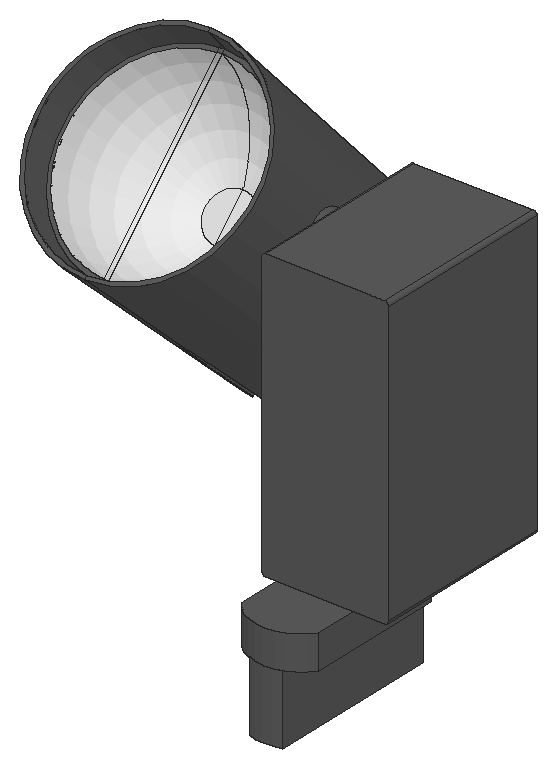
Revit family "0004850 Feilo Sylvania Lighting Fixture START TRACK SPOT S 24W 4K RA80 NB BLACK", category Lighting Fixtures, host Face, Revit 2017 (continued)
Definition of nested family "Start Track Spot Head"
  Types (96, lengths in mm): name | Wattage | built-in parameter 1150134 | Photometric Web File | Model | built-in parameter 1150105 | Lumens | built-in parameter 1150107 | built-in parameter 1150106 | HeadThickness_FEILO | HeadRibOffset_FEILO | HeadRibDepth_FEILO | HeadRibCutWidth_FEILO | HeadRibCutOffset_FEILO | HeadReflectorRadius_FEILO | HeadReflectorOffset_FEILO | HeadLEDRadius_FEILO | HeadHeight_FEILO | HeadDiffusorOffset_FEILO | HeadDiaOut_FEILO | HeadDiaIn_FEILO | HeadAxisFromTop_FEILO | Emit from Circle Diameter | built-in parameter 1150104 | Description | Apparent Load
    0004864 START TRACK SPOT S 24W 3K RA90 WB WHITE | 24 W | (empty or 0) | "0004864.ies" | "START TRACK SPOT S 24W 3K RA90 WB WHITE" | 152.79 (stored number, unit not read) | 1920 lm | 3000 (stored number, unit not read) | 1.5279 (stored number, unit not read) | 1.5 | 4.179 | 55.714 | 7.167 | 50.87 | 50.588 | 55.714 | 9.556 | 117 | 9.435 | 86 | 77.477 | 69.354 | 77.477 | 7.4322 (stored number, unit not read) | "Integrated LED spotlight, Textured White - RAL9016, compact and minimalist design, ideal for retail applications, die-cast aluminium body, passive cooling heatsink. Beam angle: 64°, color temperature: 3000K , total system power: 24W, total fixture output: 1928 lm, LOR: 100%, colour rendering: Ra: 90 typical, LED Chromaticity: 3 step MacAdam ellipse, lifetime: >50000 hours at L70B50, energy class: A++, A+, A, IR/UV free light source without heat radiation, operating voltage: 220-240V / 50-60Hz, drive current: 600mA, electronic driver, non-dimmable, power factor: 0.95, electrical protection: Class II, Global Track 3 Phase adapter suitable for Global trac 3-circuit tracks, ingress protection rating: IP20, suitable for internal environment only, horizontal rotation: 355°, vertical tilt: 90°, dimensions: Ø86x140x200, weight: 0.966kg." | 24 VA
    0004863 START TRACK SPOT S 24W 3K RA90 MB WHITE | 24 W | (empty or 0) | "0004863.ies" | "START TRACK SPOT S 24W 3K RA90 MB WHITE" | 154.7 (stored number, unit not read) | 1944 lm | 3000 (stored number, unit not read) | 1.547 (stored number, unit not read) | 1.5 | 4.179 | 55.714 | 7.167 | 50.87 | 50.588 | 55.714 | 9.556 | 117 | 9.435 | 86 | 77.477 | 69.354 | 77.477 | 7.5251 (stored number, unit not read) | "Integrated LED spotlight, Textured White - RAL9016, compact and minimalist design, ideal for retail applications, die-cast aluminium body, passive cooling heatsink. Beam angle: 36°, color temperature: 3000K , total system power: 24W, total fixture output: 1944 lm, LOR: 100%, colour rendering: Ra: 90 typical, LED Chromaticity: 3 step MacAdam ellipse, lifetime: >50000 hours at L70B50, energy class: A++, A+, A, IR/UV free light source without heat radiation, operating voltage: 220-240V / 50-60Hz, drive current: 600mA, electronic driver, non-dimmable, power factor: 0.95, electrical protection: Class II, Global Track 3 Phase adapter suitable for Global trac 3-circuit tracks, ingress protection rating: IP20, suitable for internal environment only, horizontal rotation: 355°, vertical tilt: 90°, dimensions: Ø86x140x200, weight: 0.966kg." | 24 VA
    0004862 START TRACK SPOT S 24W 3K RA90 NB WHITE | 24 W | (empty or 0) | "0004862.ies" | "START TRACK SPOT S 24W 3K RA90 NB WHITE" | 158.52 (stored number, unit not read) | 1992 lm | 3000 (stored number, unit not read) | 1.5852 (stored number, unit not read) | 1.5 | 4.179 | 55.714 | 7.167 | 50.87 | 50.588 | 55.714 | 9.556 | 117 | 9.435 | 86 | 77.477 | 69.354 | 77.477 | 7.711 (stored number, unit not read) | "Integrated LED spotlight, Textured White - RAL9016, compact and minimalist design, ideal for retail applications, die-cast aluminium body, passive cooling heatsink. Beam angle: 12°, color temperature: 3000K , total system power: 24W, total fixture output: 1987 lm, LOR: 100%, colour rendering: Ra: 90 typical, LED Chromaticity: 3 step MacAdam ellipse, lifetime: >50000 hours at L70B50, energy class: A++, A+, A, IR/UV free light source without heat radiation, operating voltage: 220-240V / 50-60Hz, drive current: 600mA, electronic driver, non-dimmable, power factor: 0.95, electrical protection: Class II, Global Track 3 Phase adapter suitable for Global trac 3-circuit tracks, ingress protection rating: IP20, suitable for internal environment only, horizontal rotation: 355°, vertical tilt: 90°, dimensions: Ø86x140x200, weight: 0.966kg." | 24 VA
    0004861 START TRACK SPOT S 14W 3K RA90 WB WHITE | 14 W | (empty or 0) | "0004861.ies" | "START TRACK SPOT S 14W 3K RA90 WB WHITE" | 100.27 (stored number, unit not read) | 1260 lm | 3000 (stored number, unit not read) | 1.0027 (stored number, unit not read) | 1.5 | 4.179 | 55.714 | 7.167 | 50.87 | 50.588 | 55.714 | 9.556 | 117 | 9.435 | 86 | 77.477 | 69.354 | 77.477 | 8.3613 (stored number, unit not read) | "Integrated LED spotlight, Textured White - RAL9016, compact and minimalist design, ideal for retail applications, die-cast aluminium body, passive cooling heatsink. Beam angle: 64°, color temperature: 3000K , total system power: 14W, total fixture output: 1262 lm, LOR: 100%, colour rendering: Ra: 90 typical, LED Chromaticity: 3 step MacAdam ellipse, lifetime: >50000 hours at L70B50, energy class: A++, A+, A, IR/UV free light source without heat radiation, operating voltage: 220-240V / 50-60Hz, drive current: 350mA, electronic driver, non-dimmable, power factor: 0.92, electrical protection: Class II, Global Track 3 Phase adapter suitable for Global trac 3-circuit tracks, ingress protection rating: IP20, suitable for internal environment only, horizontal rotation: 355°, vertical tilt: 90°, dimensions: Ø86x140x200, weight: 0.940kg." | 14 VA
    0004860 START TRACK SPOT S 14W 3K RA90 MB WHITE | 14 W | (empty or 0) | "0004860.ies" | "START TRACK SPOT S 14W 3K RA90 MB WHITE" | 100.27 (stored number, unit not read) | 1260 lm | 3000 (stored number, unit not read) | 1.0027 (stored number, unit not read) | 1.5 | 4.179 | 55.714 | 7.167 | 50.87 | 50.588 | 55.714 | 9.556 | 117 | 9.435 | 86 | 77.477 | 69.354 | 77.477 | 8.3613 (stored number, unit not read) | "Integrated LED spotlight, Textured White - RAL9016, compact and minimalist design, ideal for retail applications, die-cast aluminium body, passive cooling heatsink. Beam angle: 36°, color temperature: 3000K , total system power: 14W, total fixture output: 1262 lm, LOR: 100%, colour rendering: Ra: 90 typical, LED Chromaticity: 3 step MacAdam ellipse, lifetime: >50000 hours at L70B50, energy class: A++, A+, A, IR/UV free light source without heat radiation, operating voltage: 220-240V / 50-60Hz, drive current: 350mA, electronic driver, non-dimmable, power factor: 0.92, electrical protection: Class II, Global Track 3 Phase adapter suitable for Global trac 3-circuit tracks, ingress protection rating: IP20, suitable for internal environment only, horizontal rotation: 355°, vertical tilt: 90°, dimensions: Ø86x140x200, weight: 0.940kg." | 14 VA
    0004859 START TRACK SPOT S 14W 3K RA90 NB WHITE | 14 W | (empty or 0) | "0004859.ies" | "START TRACK SPOT S 14W 3K RA90 NB WHITE" | 102.5 (stored number, unit not read) | 1288 lm | 3000 (stored number, unit not read) | 1.025 (stored number, unit not read) | 1.5 | 4.179 | 55.714 | 7.167 | 50.87 | 50.588 | 55.714 | 9.556 | 117 | 9.435 | 86 | 77.477 | 69.354 | 77.477 | 8.5471 (stored number, unit not read) | "Integrated LED spotlight, Textured White - RAL9016, compact and minimalist design, ideal for retail applications, die-cast aluminium body, passive cooling heatsink. Beam angle: 12°, color temperature: 3000K , total system power: 14W, total fixture output: 1284 lm, LOR: 100%, colour rendering: Ra: 90 typical, LED Chromaticity: 3 step MacAdam ellipse, lifetime: >50000 hours at L70B50, energy class: A++, A+, A, IR/UV free light source without heat radiation, operating voltage: 220-240V / 50-60Hz, drive current: 350mA, electronic driver, non-dimmable, power factor: 0.92, electrical protection: Class II, Global Track 3 Phase adapter suitable for Global trac 3-circuit tracks, ingress protection rating: IP20, suitable for internal environment only, horizontal rotation: 355°, vertical tilt: 90°, dimensions: Ø86x140x200, weight: 0.940kg." | 14 VA
    0004858 START TRACK SPOT L 55W 4K RA80 WB BLACK | 55 W | 12 | "0004858.ies" | "START TRACK SPOT L 55W 4K RA80 WB BLACK" | 424.55 (stored number, unit not read) | 5335 lm | 4000 (stored number, unit not read) | 4.2455 (stored number, unit not read) | 2 | 4.429 | 59.048 | 9.417 | 53.913 | 66.471 | 59.048 | 12.556 | 124 | 10 | 113 | 101.802 | 73.503 | 101.802 | 9.0116 (stored number, unit not read) | "Integrated LED spotlight, Textured Black - RAL9005, compact and minimalist design, ideal for retail applications, die-cast aluminium body, passive cooling heatsink. Beam angle: 52°, color temperature: 4000K , total system power: 55W, total fixture output: 5320 lm, LOR: 100%, colour rendering: Ra: 80 typical, LED Chromaticity: 3 step MacAdam ellipse, lifetime: >50000 hours at L70B50, energy class: A++, A+, A, IR/UV free light source without heat radiation, operating voltage: 220-240V / 50-60Hz, drive current: 1400mA, electronic driver, non-dimmable, power factor: 0.96, electrical protection: Class II, Global Track 3 Phase adapter suitable for Global trac 3-circuit tracks, ingress protection rating: IP20, suitable for internal environment only, horizontal rotation: 355°, vertical tilt: 90°, dimensions: Ø113x164x240, weight: 1.398kg." | 55 VA
    0004857 START TRACK SPOT L 55W 4K RA80 MB BLACK | 55 W | 12 | "0004857.ies" | "START TRACK SPOT L 55W 4K RA80 MB BLACK" | 428.92 (stored number, unit not read) | 5390 lm | 4000 (stored number, unit not read) | 4.2892 (stored number, unit not read) | 2 | 4.429 | 59.048 | 9.417 | 53.913 | 66.471 | 59.048 | 12.556 | 124 | 10 | 113 | 101.802 | 73.503 | 101.802 | 9.1045 (stored number, unit not read) | "Integrated LED spotlight, Textured Black - RAL9005, compact and minimalist design, ideal for retail applications, die-cast aluminium body, passive cooling heatsink. Beam angle: 38°, color temperature: 4000K , total system power: 55W, total fixture output: 5378 lm, LOR: 100%, colour rendering: Ra: 80 typical, LED Chromaticity: 3 step MacAdam ellipse, lifetime: >50000 hours at L70B50, energy class: A++, A+, A, IR/UV free light source without heat radiation, operating voltage: 220-240V / 50-60Hz, drive current: 1400mA, electronic driver, non-dimmable, power factor: 0.96, electrical protection: Class II, Global Track 3 Phase adapter suitable for Global trac 3-circuit tracks, ingress protection rating: IP20, suitable for internal environment only, horizontal rotation: 355°, vertical tilt: 90°, dimensions: Ø113x164x240, weight: 1.398kg." | 55 VA
    0004856 START TRACK SPOT L 55W 4K RA80 NB BLACK | 55 W | 12 | "0004856.ies" | "START TRACK SPOT L 55W 4K RA80 NB BLACK" | 433.3 (stored number, unit not read) | 5445 lm | 4000 (stored number, unit not read) | 4.333 (stored number, unit not read) | 2 | 4.429 | 59.048 | 9.417 | 53.913 | 66.471 | 59.048 | 12.556 | 124 | 10 | 113 | 101.802 | 73.503 | 101.802 | 9.1974 (stored number, unit not read) | "Integrated LED spotlight, Textured Black - RAL9005, compact and minimalist design, ideal for retail applications, die-cast aluminium body, passive cooling heatsink. Beam angle: 15°, color temperature: 4000K , total system power: 55W, total fixture output: 5426 lm, LOR: 100%, colour rendering: Ra: 80 typical, LED Chromaticity: 3 step MacAdam ellipse, lifetime: >50000 hours at L70B50, energy class: A++, A+, A, IR/UV free light source without heat radiation, operating voltage: 220-240V / 50-60Hz, drive current: 1400mA, electronic driver, non-dimmable, power factor: 0.96, electrical protection: Class II, Global Track 3 Phase adapter suitable for Global trac 3-circuit tracks, ingress protection rating: IP20, suitable for internal environment only, horizontal rotation: 355°, vertical tilt: 90°, dimensions: Ø113x164x240, weight: 1.398kg." | 55 VA
    0004855 START TRACK SPOT L 35W 4K RA80 WB BLACK | 35 W | 12 | "0004855.ies" | "START TRACK SPOT L 35W 4K RA80 WB BLACK" | 320.3 (stored number, unit not read) | 4025 lm | 4000 (stored number, unit not read) | 3.203 (stored number, unit not read) | 2 | 4.429 | 59.048 | 9.417 | 53.913 | 66.471 | 59.048 | 12.556 | 124 | 10 | 113 | 101.802 | 73.503 | 101.802 | 10.684 (stored number, unit not read) | "Integrated LED spotlight, Textured Black - RAL9005, compact and minimalist design, ideal for retail applications, die-cast aluminium body, passive cooling heatsink. Beam angle: 52°, color temperature: 4000K , total system power: 35W, total fixture output: 4010 lm, LOR: 100%, colour rendering: Ra: 80 typical, LED Chromaticity: 3 step MacAdam ellipse, lifetime: >50000 hours at L70B50, energy class: A++, A+, A, IR/UV free light source without heat radiation, operating voltage: 220-240V / 50-60Hz, drive current: 900mA, electronic driver, non-dimmable, power factor: 0.93, electrical protection: Class II, Global Track 3 Phase adapter suitable for Global trac 3-circuit tracks, ingress protection rating: IP20, suitable for internal environment only, horizontal rotation: 355°, vertical tilt: 90°, dimensions: Ø113x164x240, weight: 1.368kg." | 35 VA
    0004854 START TRACK SPOT L 35W 4K RA80 MB BLACK | 35 W | 12 | "0004854.ies" | "START TRACK SPOT L 35W 4K RA80 MB BLACK" | 320.3 (stored number, unit not read) | 4025 lm | 4000 (stored number, unit not read) | 3.203 (stored number, unit not read) | 2 | 4.429 | 59.048 | 9.417 | 53.913 | 66.471 | 59.048 | 12.556 | 124 | 10 | 113 | 101.802 | 73.503 | 101.802 | 10.684 (stored number, unit not read) | "Integrated LED spotlight, Textured Black - RAL9005, compact and minimalist design, ideal for retail applications, die-cast aluminium body, passive cooling heatsink. Beam angle: 38°, color temperature: 4000K , total system power: 35W, total fixture output: 4017 lm, LOR: 100%, colour rendering: Ra: 80 typical, LED Chromaticity: 3 step MacAdam ellipse, lifetime: >50000 hours at L70B50, energy class: A++, A+, A, IR/UV free light source without heat radiation, operating voltage: 220-240V / 50-60Hz, drive current: 900mA, electronic driver, non-dimmable, power factor: 0.93, electrical protection: Class II, Global Track 3 Phase adapter suitable for Global trac 3-circuit tracks, ingress protection rating: IP20, suitable for internal environment only, horizontal rotation: 355°, vertical tilt: 90°, dimensions: Ø113x164x240, weight: 1.368kg." | 35 VA
    0004853 START TRACK SPOT L 35W 4K RA80 NB BLACK | 35 W | 12 | "0004853.ies" | "START TRACK SPOT L 35W 4K RA80 NB BLACK" | 331.44 (stored number, unit not read) | 4165 lm | 4000 (stored number, unit not read) | 3.3144 (stored number, unit not read) | 2 | 4.429 | 59.048 | 9.417 | 53.913 | 66.471 | 59.048 | 12.556 | 124 | 10 | 113 | 101.802 | 73.503 | 101.802 | 11.055 (stored number, unit not read) | "Integrated LED spotlight, Textured Black - RAL9005, compact and minimalist design, ideal for retail applications, die-cast aluminium body, passive cooling heatsink. Beam angle: 15°, color temperature: 4000K , total system power: 35W, total fixture output: 4174 lm, LOR: 100%, colour rendering: Ra: 80 typical, LED Chromaticity: 3 step MacAdam ellipse, lifetime: >50000 hours at L70B50, energy class: A++, A+, A, IR/UV free light source without heat radiation, operating voltage: 220-240V / 50-60Hz, drive current: 900mA, electronic driver, non-dimmable, power factor: 0.93, electrical protection: Class II, Global Track 3 Phase adapter suitable for Global trac 3-circuit tracks, ingress protection rating: IP20, suitable for internal environment only, horizontal rotation: 355°, vertical tilt: 90°, dimensions: Ø113x164x240, weight: 1.368kg." | 35 VA
    0004852 START TRACK SPOT S 24W 4K RA80 WB BLACK | 24 W | 12 | "0004852.ies" | "START TRACK SPOT S 24W 4K RA80 WB BLACK" | 196.72 (stored number, unit not read) | 2472 lm | 4000 (stored number, unit not read) | 1.9672 (stored number, unit not read) | 1.5 | 4.179 | 55.714 | 7.167 | 50.87 | 50.588 | 55.714 | 9.556 | 117 | 9.435 | 86 | 77.477 | 69.354 | 77.477 | 9.569 (stored number, unit not read) | "Integrated LED spotlight, Textured Black - RAL9005, compact and minimalist design, ideal for retail applications, die-cast aluminium body, passive cooling heatsink. Beam angle: 64°, color temperature: 4000K , total system power: 24W, total fixture output: 2476 lm, LOR: 100%, colour rendering: Ra: 80 typical, LED Chromaticity: 3 step MacAdam ellipse, lifetime: >50000 hours at L70B50, energy class: A++, A+, A, IR/UV free light source without heat radiation, operating voltage: 220-240V / 50-60Hz, drive current: 600mA, electronic driver, non-dimmable, power factor: 0.95, electrical protection: Class II, Global Track 3 Phase adapter suitable for Global trac 3-circuit tracks, ingress protection rating: IP20, suitable for internal environment only, horizontal rotation: 355°, vertical tilt: 90°, dimensions: Ø86x140x200, weight: 0.966kg." | 24 VA
    0004851 START TRACK SPOT S 24W 4K RA80 MB BLACK | 24 W | 12 | "0004851.ies" | "START TRACK SPOT S 24W 4K RA80 MB BLACK" | 198.63 (stored number, unit not read) | 2496 lm | 4000 (stored number, unit not read) | 1.9863 (stored number, unit not read) | 1.5 | 4.179 | 55.714 | 7.167 | 50.87 | 50.588 | 55.714 | 9.556 | 117 | 9.435 | 86 | 77.477 | 69.354 | 77.477 | 9.6619 (stored number, unit not read) | "Integrated LED spotlight, Textured Black - RAL9005, compact and minimalist design, ideal for retail applications, die-cast aluminium body, passive cooling heatsink. Beam angle: 36°, color temperature: 4000K , total system power: 24W, total fixture output: 2487 lm, LOR: 100%, colour rendering: Ra: 80 typical, LED Chromaticity: 3 step MacAdam ellipse, lifetime: >50000 hours at L70B50, energy class: A++, A+, A, IR/UV free light source without heat radiation, operating voltage: 220-240V / 50-60Hz, drive current: 600mA, electronic driver, non-dimmable, power factor: 0.95, electrical protection: Class II, Global Track 3 Phase adapter suitable for Global trac 3-circuit tracks, ingress protection rating: IP20, suitable for internal environment only, horizontal rotation: 355°, vertical tilt: 90°, dimensions: Ø86x140x200, weight: 0.966kg." | 24 VA
    0004850 START TRACK SPOT S 24W 4K RA80 NB BLACK | 24 W | 12 | "0004850.ies" | "START TRACK SPOT S 24W 4K RA80 NB BLACK" | 200.54 (stored number, unit not read) | 2520 lm | 4000 (stored number, unit not read) | 2.0054 (stored number, unit not read) | 1.5 | 4.179 | 55.714 | 7.167 | 50.87 | 50.588 | 55.714 | 9.556 | 117 | 9.435 | 86 | 77.477 | 69.354 | 77.477 | 9.7548 (stored number, unit not read) | "Integrated LED spotlight, Textured Black - RAL9005, compact and minimalist design, ideal for retail applications, die-cast aluminium body, passive cooling heatsink. Beam angle: 12°, color temperature: 4000K , total system power: 24W, total fixture output: 2529 lm, LOR: 100%, colour rendering: Ra: 80 typical, LED Chromaticity: 3 step MacAdam ellipse, lifetime: >50000 hours at L70B50, energy class: A++, A+, A, IR/UV free light source without heat radiation, operating voltage: 220-240V / 50-60Hz, drive current: 600mA, electronic driver, non-dimmable, power factor: 0.95, electrical protection: Class II, Global Track 3 Phase adapter suitable for Global trac 3-circuit tracks, ingress protection rating: IP20, suitable for internal environment only, horizontal rotation: 355°, vertical tilt: 90°, dimensions: Ø86x140x200, weight: 0.966kg." | 24 VA
    0004849 START TRACK SPOT S 14W 4K RA80 WB BLACK | 14 W | 12 | "0004849.ies" | "START TRACK SPOT S 14W 4K RA80 WB BLACK" | 123.66 (stored number, unit not read) | 1554 lm | 4000 (stored number, unit not read) | 1.2366 (stored number, unit not read) | 1.5 | 4.179 | 55.714 | 7.167 | 50.87 | 50.588 | 55.714 | 9.556 | 117 | 9.435 | 86 | 77.477 | 69.354 | 77.477 | 10.312 (stored number, unit not read) | "Integrated LED spotlight, Textured Black - RAL9005, compact and minimalist design, ideal for retail applications, die-cast aluminium body, passive cooling heatsink. Beam angle: 64°, color temperature: 4000K , total system power: 14W, total fixture output: 1558 lm, LOR: 100%, colour rendering: Ra: 80 typical, LED Chromaticity: 3 step MacAdam ellipse, lifetime: >50000 hours at L70B50, energy class: A++, A+, A, IR/UV free light source without heat radiation, operating voltage: 220-240V / 50-60Hz, drive current: 350mA, electronic driver, non-dimmable, power factor: 0.92, electrical protection: Class II, Global Track 3 Phase adapter suitable for Global trac 3-circuit tracks, ingress protection rating: IP20, suitable for internal environment only, horizontal rotation: 355°, vertical tilt: 90°, dimensions: Ø86x140x200, weight: 0.940kg." | 14 VA
    0004848 START TRACK SPOT S 14W 4K RA80 MB BLACK | 14 W | 12 | "0004848.ies" | "START TRACK SPOT S 14W 4K RA80 MB BLACK" | 127.01 (stored number, unit not read) | 1596 lm | 4000 (stored number, unit not read) | 1.2701 (stored number, unit not read) | 1.5 | 4.179 | 55.714 | 7.167 | 50.87 | 50.588 | 55.714 | 9.556 | 117 | 9.435 | 86 | 77.477 | 69.354 | 77.477 | 10.591 (stored number, unit not read) | "Integrated LED spotlight, Textured Black - RAL9005, compact and minimalist design, ideal for retail applications, die-cast aluminium body, passive cooling heatsink. Beam angle: 36°, color temperature: 4000K , total system power: 14W, total fixture output: 1598 lm, LOR: 100%, colour rendering: Ra: 80 typical, LED Chromaticity: 3 step MacAdam ellipse, lifetime: >50000 hours at L70B50, energy class: A++, A+, A, IR/UV free light source without heat radiation, operating voltage: 220-240V / 50-60Hz, drive current: 350mA, electronic driver, non-dimmable, power factor: 0.92, electrical protection: Class II, Global Track 3 Phase adapter suitable for Global trac 3-circuit tracks, ingress protection rating: IP20, suitable for internal environment only, horizontal rotation: 355°, vertical tilt: 90°, dimensions: Ø86x140x200, weight: 0.940kg." | 14 VA
    0004847 START TRACK SPOT S 14W 4K RA80 NB BLACK | 14 W | 12 | "0004847.ies" | "START TRACK SPOT S 14W 4K RA80 NB BLACK" | 128.12 (stored number, unit not read) | 1610 lm | 4000 (stored number, unit not read) | 1.2812 (stored number, unit not read) | 1.5 | 4.179 | 55.714 | 7.167 | 50.87 | 50.588 | 55.714 | 9.556 | 117 | 9.435 | 86 | 77.477 | 69.354 | 77.477 | 10.684 (stored number, unit not read) | "Integrated LED spotlight, Textured Black - RAL9005, compact and minimalist design, ideal for retail applications, die-cast aluminium body, passive cooling heatsink. Beam angle: 12°, color temperature: 4000K , total system power: 14W, total fixture output: 1608 lm, LOR: 100%, colour rendering: Ra: 80 typical, LED Chromaticity: 3 step MacAdam ellipse, lifetime: >50000 hours at L70B50, energy class: A++, A+, A, IR/UV free light source without heat radiation, operating voltage: 220-240V / 50-60Hz, drive current: 350mA, electronic driver, non-dimmable, power factor: 0.92, electrical protection: Class II, Global Track 3 Phase adapter suitable for Global trac 3-circuit tracks, ingress protection rating: IP20, suitable for internal environment only, horizontal rotation: 355°, vertical tilt: 90°, dimensions: Ø86x140x200, weight: 0.940kg." | 14 VA
    0004846 START TRACK SPOT L 55W 3K RA80 WB BLACK | 55 W | (empty or 0) | "0004846.ies" | "START TRACK SPOT L 55W 3K RA80 WB BLACK" | 420.17 (stored number, unit not read) | 5280 lm | 3000 (stored number, unit not read) | 4.2017 (stored number, unit not read) | 2 | 4.429 | 59.048 | 9.417 | 53.913 | 66.471 | 59.048 | 12.556 | 124 | 10 | 113 | 101.802 | 73.503 | 101.802 | 8.9187 (stored number, unit not read) | "Integrated LED spotlight, Textured Black - RAL9005, compact and minimalist design, ideal for retail applications, die-cast aluminium body, passive cooling heatsink. Beam angle: 52°, color temperature: 3000K , total system power: 55W, total fixture output: 5298 lm, LOR: 100%, colour rendering: Ra: 80 typical, LED Chromaticity: 3 step MacAdam ellipse, lifetime: >50000 hours at L70B50, energy class: A++, A+, A, IR/UV free light source without heat radiation, operating voltage: 220-240V / 50-60Hz, drive current: 1400mA, electronic driver, non-dimmable, power factor: 0.96, electrical protection: Class II, Global Track 3 Phase adapter suitable for Global trac 3-circuit tracks, ingress protection rating: IP20, suitable for internal environment only, horizontal rotation: 355°, vertical tilt: 90°, dimensions: Ø113x164x240, weight: 1.398kg." | 55 VA
    0004845 START TRACK SPOT L 55W 3K RA80 MB BLACK | 55 W | (empty or 0) | "0004845.ies" | "START TRACK SPOT L 55W 3K RA80 MB BLACK" | 428.92 (stored number, unit not read) | 5390 lm | 3000 (stored number, unit not read) | 4.2892 (stored number, unit not read) | 2 | 4.429 | 59.048 | 9.417 | 53.913 | 66.471 | 59.048 | 12.556 | 124 | 10 | 113 | 101.802 | 73.503 | 101.802 | 9.1045 (stored number, unit not read) | "Integrated LED spotlight, Textured Black - RAL9005, compact and minimalist design, ideal for retail applications, die-cast aluminium body, passive cooling heatsink. Beam angle: 38°, color temperature: 3000K , total system power: 55W, total fixture output: 5381 lm, LOR: 100%, colour rendering: Ra: 80 typical, LED Chromaticity: 3 step MacAdam ellipse, lifetime: >50000 hours at L70B50, energy class: A++, A+, A, IR/UV free light source without heat radiation, operating voltage: 220-240V / 50-60Hz, drive current: 1400mA, electronic driver, non-dimmable, power factor: 0.96, electrical protection: Class II, Global Track 3 Phase adapter suitable for Global trac 3-circuit tracks, ingress protection rating: IP20, suitable for internal environment only, horizontal rotation: 355°, vertical tilt: 90°, dimensions: Ø113x164x240, weight: 1.398kg." | 55 VA
    0004844 START TRACK SPOT L 55W 3K RA80 NB BLACK | 55 W | (empty or 0) | "0004844.ies" | "START TRACK SPOT L 55W 3K RA80 NB BLACK" | 433.3 (stored number, unit not read) | 5445 lm | 3000 (stored number, unit not read) | 4.333 (stored number, unit not read) | 2 | 4.429 | 59.048 | 9.417 | 53.913 | 66.471 | 59.048 | 12.556 | 124 | 10 | 113 | 101.802 | 73.503 | 101.802 | 9.1974 (stored number, unit not read) | "Integrated LED spotlight, Textured Black - RAL9005, compact and minimalist design, ideal for retail applications, die-cast aluminium body, passive cooling heatsink. Beam angle: 15°, color temperature: 3000K , total system power: 55W, total fixture output: 5449 lm, LOR: 100%, colour rendering: Ra: 80 typical, LED Chromaticity: 3 step MacAdam ellipse, lifetime: >50000 hours at L70B50, energy class: A++, A+, A, IR/UV free light source without heat radiation, operating voltage: 220-240V / 50-60Hz, drive current: 1400mA, electronic driver, non-dimmable, power factor: 0.96, electrical protection: Class II, Global Track 3 Phase adapter suitable for Global trac 3-circuit tracks, ingress protection rating: IP20, suitable for internal environment only, horizontal rotation: 355°, vertical tilt: 90°, dimensions: Ø113x164x240, weight: 1.398kg." | 55 VA
    0004843 START TRACK SPOT L 35W 3K RA80 WB BLACK | 35 W | (empty or 0) | "0004843.ies" | "START TRACK SPOT L 35W 3K RA80 WB BLACK" | 314.73 (stored number, unit not read) | 3955 lm | 3000 (stored number, unit not read) | 3.1473 (stored number, unit not read) | 2 | 4.429 | 59.048 | 9.417 | 53.913 | 66.471 | 59.048 | 12.556 | 124 | 10 | 113 | 101.802 | 73.503 | 101.802 | 10.498 (stored number, unit not read) | "Integrated LED spotlight, Textured Black - RAL9005, compact and minimalist design, ideal for retail applications, die-cast aluminium body, passive cooling heatsink. Beam angle: 52°, color temperature: 3000K , total system power: 35W, total fixture output: 3943 lm, LOR: 100%, colour rendering: Ra: 80 typical, LED Chromaticity: 3 step MacAdam ellipse, lifetime: >50000 hours at L70B50, energy class: A++, A+, A, IR/UV free light source without heat radiation, operating voltage: 220-240V / 50-60Hz, drive current: 900mA, electronic driver, non-dimmable, power factor: 0.93, electrical protection: Class II, Global Track 3 Phase adapter suitable for Global trac 3-circuit tracks, ingress protection rating: IP20, suitable for internal environment only, horizontal rotation: 355°, vertical tilt: 90°, dimensions: Ø113x164x240, weight: 1.368kg." | 35 VA
    0004842 START TRACK SPOT L 35W 3K RA80 MB BLACK | 35 W | (empty or 0) | "0004842.ies" | "START TRACK SPOT L 35W 3K RA80 MB BLACK" | 320.3 (stored number, unit not read) | 4025 lm | 3000 (stored number, unit not read) | 3.203 (stored number, unit not read) | 2 | 4.429 | 59.048 | 9.417 | 53.913 | 66.471 | 59.048 | 12.556 | 124 | 10 | 113 | 101.802 | 73.503 | 101.802 | 10.684 (stored number, unit not read) | "Integrated LED spotlight, Textured Black - RAL9005, compact and minimalist design, ideal for retail applications, die-cast aluminium body, passive cooling heatsink. Beam angle: 38°, color temperature: 3000K , total system power: 35W, total fixture output: 4008 lm, LOR: 100%, colour rendering: Ra: 80 typical, LED Chromaticity: 3 step MacAdam ellipse, lifetime: >50000 hours at L70B50, energy class: A++, A+, A, IR/UV free light source without heat radiation, operating voltage: 220-240V / 50-60Hz, drive current: 900mA, electronic driver, non-dimmable, power factor: 0.93, electrical protection: Class II, Global Track 3 Phase adapter suitable for Global trac 3-circuit tracks, ingress protection rating: IP20, suitable for internal environment only, horizontal rotation: 355°, vertical tilt: 90°, dimensions: Ø113x164x240, weight: 1.368kg." | 35 VA
    0004841 START TRACK SPOT L 35W 3K RA80 NB BLACK | 35 W | (empty or 0) | "0004841.ies" | "START TRACK SPOT L 35W 3K RA80 NB BLACK" | 317.51 (stored number, unit not read) | 3990 lm | 3000 (stored number, unit not read) | 3.1751 (stored number, unit not read) | 2 | 4.429 | 59.048 | 9.417 | 53.913 | 66.471 | 59.048 | 12.556 | 124 | 10 | 113 | 101.802 | 73.503 | 101.802 | 10.591 (stored number, unit not read) | "Integrated LED spotlight, Textured Black - RAL9005, compact and minimalist design, ideal for retail applications, die-cast aluminium body, passive cooling heatsink. Beam angle: 15°, color temperature: 3000K , total system power: 35W, total fixture output: 4005 lm, LOR: 100%, colour rendering: Ra: 80 typical, LED Chromaticity: 3 step MacAdam ellipse, lifetime: >50000 hours at L70B50, energy class: A++, A+, A, IR/UV free light source without heat radiation, operating voltage: 220-240V / 50-60Hz, drive current: 900mA, electronic driver, non-dimmable, power factor: 0.93, electrical protection: Class II, Global Track 3 Phase adapter suitable for Global trac 3-circuit tracks, ingress protection rating: IP20, suitable for internal environment only, horizontal rotation: 355°, vertical tilt: 90°, dimensions: Ø113x164x240, weight: 1.368kg." | 35 VA
    0004840 START TRACK SPOT S 24W 3K RA80 WB BLACK | 24 W | (empty or 0) | "0004840.ies" | "START TRACK SPOT S 24W 3K RA80 WB BLACK" | 185.26 (stored number, unit not read) | 2328 lm | 3000 (stored number, unit not read) | 1.8526 (stored number, unit not read) | 1.5 | 4.179 | 55.714 | 7.167 | 50.87 | 50.588 | 55.714 | 9.556 | 117 | 9.435 | 86 | 77.477 | 69.354 | 77.477 | 9.0116 (stored number, unit not read) | "Integrated LED spotlight, Textured Black - RAL9005, compact and minimalist design, ideal for retail applications, die-cast aluminium body, passive cooling heatsink. Beam angle: 64°, color temperature: 3000K , total system power: 24W, total fixture output: 2318 lm, LOR: 100%, colour rendering: Ra: 80 typical, LED Chromaticity: 3 step MacAdam ellipse, lifetime: >50000 hours at L70B50, energy class: A++, A+, A, IR/UV free light source without heat radiation, operating voltage: 220-240V / 50-60Hz, drive current: 600mA, electronic driver, non-dimmable, power factor: 0.95, electrical protection: Class II, Global Track 3 Phase adapter suitable for Global trac 3-circuit tracks, ingress protection rating: IP20, suitable for internal environment only, horizontal rotation: 355°, vertical tilt: 90°, dimensions: Ø86x140x200, weight: 0.966kg." | 24 VA
    0004839 START TRACK SPOT S 24W 3K RA80 MB BLACK | 24 W | (empty or 0) | "0004839.ies" | "START TRACK SPOT S 24W 3K RA80 MB BLACK" | 183.35 (stored number, unit not read) | 2304 lm | 3000 (stored number, unit not read) | 1.8335 (stored number, unit not read) | 1.5 | 4.179 | 55.714 | 7.167 | 50.87 | 50.588 | 55.714 | 9.556 | 117 | 9.435 | 86 | 77.477 | 69.354 | 77.477 | 8.9187 (stored number, unit not read) | "Integrated LED spotlight, Textured Black - RAL9005, compact and minimalist design, ideal for retail applications, die-cast aluminium body, passive cooling heatsink. Beam angle: 36°, color temperature: 3000K , total system power: 24W, total fixture output: 2314 lm, LOR: 100%, colour rendering: Ra: 80 typical, LED Chromaticity: 3 step MacAdam ellipse, lifetime: >50000 hours at L70B50, energy class: A++, A+, A, IR/UV free light source without heat radiation, operating voltage: 220-240V / 50-60Hz, drive current: 600mA, electronic driver, non-dimmable, power factor: 0.95, electrical protection: Class II, Global Track 3 Phase adapter suitable for Global trac 3-circuit tracks, ingress protection rating: IP20, suitable for internal environment only, horizontal rotation: 355°, vertical tilt: 90°, dimensions: Ø86x140x200, weight: 0.966kg." | 24 VA
    0004838 START TRACK SPOT S 24W 3K RA80 NB BLACK | 24 W | (empty or 0) | "0004838.ies" | "START TRACK SPOT S 24W 3K RA80 NB BLACK" | 185.26 (stored number, unit not read) | 2328 lm | 3000 (stored number, unit not read) | 1.8526 (stored number, unit not read) | 1.5 | 4.179 | 55.714 | 7.167 | 50.87 | 50.588 | 55.714 | 9.556 | 117 | 9.435 | 86 | 77.477 | 69.354 | 77.477 | 9.0116 (stored number, unit not read) | "Integrated LED spotlight, Textured Black - RAL9005, compact and minimalist design, ideal for retail applications, die-cast aluminium body, passive cooling heatsink. Beam angle: 12°, color temperature: 3000K , total system power: 24W, total fixture output: 2334 lm, LOR: 100%, colour rendering: Ra: 80 typical, LED Chromaticity: 3 step MacAdam ellipse, lifetime: >50000 hours at L70B50, energy class: A++, A+, A, IR/UV free light source without heat radiation, operating voltage: 220-240V / 50-60Hz, drive current: 600mA, electronic driver, non-dimmable, power factor: 0.95, electrical protection: Class II, Global Track 3 Phase adapter suitable for Global trac 3-circuit tracks, ingress protection rating: IP20, suitable for internal environment only, horizontal rotation: 355°, vertical tilt: 90°, dimensions: Ø86x140x200, weight: 0.966kg." | 24 VA
    0004837 START TRACK SPOT S 14W 3K RA80 WB BLACK | 14 W | (empty or 0) | "0004837.ies" | "START TRACK SPOT S 14W 3K RA80 WB BLACK" | 119.21 (stored number, unit not read) | 1498 lm | 3000 (stored number, unit not read) | 1.1921 (stored number, unit not read) | 1.5 | 4.179 | 55.714 | 7.167 | 50.87 | 50.588 | 55.714 | 9.556 | 117 | 9.435 | 86 | 77.477 | 69.354 | 77.477 | 9.9406 (stored number, unit not read) | "Integrated LED spotlight, Textured Black - RAL9005, compact and minimalist design, ideal for retail applications, die-cast aluminium body, passive cooling heatsink. Beam angle: 64°, color temperature: 3000K , total system power: 14W, total fixture output: 1498 lm, LOR: 100%, colour rendering: Ra: 80 typical, LED Chromaticity: 3 step MacAdam ellipse, lifetime: >50000 hours at L70B50, energy class: A++, A+, A, IR/UV free light source without heat radiation, operating voltage: 220-240V / 50-60Hz, drive current: 350mA, electronic driver, non-dimmable, power factor: 0.92, electrical protection: Class II, Global Track 3 Phase adapter suitable for Global trac 3-circuit tracks, ingress protection rating: IP20, suitable for internal environment only, horizontal rotation: 355°, vertical tilt: 90°, dimensions: Ø86x140x200, weight: 0.940kg." | 14 VA
    0004836 START TRACK SPOT S 14W 3K RA80 MB BLACK | 14 W | (empty or 0) | "0004836.ies" | "START TRACK SPOT S 14W 3K RA80 MB BLACK" | 120.32 (stored number, unit not read) | 1512 lm | 3000 (stored number, unit not read) | 1.2032 (stored number, unit not read) | 1.5 | 4.179 | 55.714 | 7.167 | 50.87 | 50.588 | 55.714 | 9.556 | 117 | 9.435 | 86 | 77.477 | 69.354 | 77.477 | 10.034 (stored number, unit not read) | "Integrated LED spotlight, Textured Black - RAL9005, compact and minimalist design, ideal for retail applications, die-cast aluminium body, passive cooling heatsink. Beam angle: 36°, color temperature: 3000K , total system power: 14W, total fixture output: 1508 lm, LOR: 100%, colour rendering: Ra: 80 typical, LED Chromaticity: 3 step MacAdam ellipse, lifetime: >50000 hours at L70B50, energy class: A++, A+, A, IR/UV free light source without heat radiation, operating voltage: 220-240V / 50-60Hz, drive current: 350mA, electronic driver, non-dimmable, power factor: 0.92, electrical protection: Class II, Global Track 3 Phase adapter suitable for Global trac 3-circuit tracks, ingress protection rating: IP20, suitable for internal environment only, horizontal rotation: 355°, vertical tilt: 90°, dimensions: Ø86x140x200, weight: 0.940kg." | 14 VA
    0004835 START TRACK SPOT S 14W 3K RA80 NB BLACK | 14 W | (empty or 0) | "0004835.ies" | "START TRACK SPOT S 14W 3K RA80 NB BLACK" | 123.66 (stored number, unit not read) | 1554 lm | 3000 (stored number, unit not read) | 1.2366 (stored number, unit not read) | 1.5 | 4.179 | 55.714 | 7.167 | 50.87 | 50.588 | 55.714 | 9.556 | 117 | 9.435 | 86 | 77.477 | 69.354 | 77.477 | 10.312 (stored number, unit not read) | "Integrated LED spotlight, Textured Black - RAL9005, compact and minimalist design, ideal for retail applications, die-cast aluminium body, passive cooling heatsink. Beam angle: 12°, color temperature: 3000K , total system power: 14W, total fixture output: 1551 lm, LOR: 100%, colour rendering: Ra: 80 typical, LED Chromaticity: 3 step MacAdam ellipse, lifetime: >50000 hours at L70B50, energy class: A++, A+, A, IR/UV free light source without heat radiation, operating voltage: 220-240V / 50-60Hz, drive current: 350mA, electronic driver, non-dimmable, power factor: 0.92, electrical protection: Class II, Global Track 3 Phase adapter suitable for Global trac 3-circuit tracks, ingress protection rating: IP20, suitable for internal environment only, horizontal rotation: 355°, vertical tilt: 90°, dimensions: Ø86x140x200, weight: 0.940kg." | 14 VA
    0004834 START TRACK SPOT L 55W 4K RA80 WB WHITE | 55 W | 12 | "0004834.ies" | "START TRACK SPOT L 55W 4K RA80 WB WHITE" | 424.55 (stored number, unit not read) | 5335 lm | 4000 (stored number, unit not read) | 4.2455 (stored number, unit not read) | 2 | 4.429 | 59.048 | 9.417 | 53.913 | 66.471 | 59.048 | 12.556 | 124 | 10 | 113 | 101.802 | 73.503 | 101.802 | 9.0116 (stored number, unit not read) | "Integrated LED spotlight, Textured White - RAL9016, compact and minimalist design, ideal for retail applications, die-cast aluminium body, passive cooling heatsink. Beam angle: 52°, color temperature: 4000K , total system power: 55W, total fixture output: 5320 lm, LOR: 100%, colour rendering: Ra: 80 typical, LED Chromaticity: 3 step MacAdam ellipse, lifetime: >50000 hours at L70B50, energy class: A++, A+, A, IR/UV free light source without heat radiation, operating voltage: 220-240V / 50-60Hz, drive current: 1400mA, electronic driver, non-dimmable, power factor: 0.96, electrical protection: Class II, Global Track 3 Phase adapter suitable for Global trac 3-circuit tracks, ingress protection rating: IP20, suitable for internal environment only, horizontal rotation: 355°, vertical tilt: 90°, dimensions: Ø113x164x240, weight: 1.398kg." | 55 VA
    0004833 START TRACK SPOT L 55W 4K RA80 MB WHITE | 55 W | 12 | "0004833.ies" | "START TRACK SPOT L 55W 4K RA80 MB WHITE" | 428.92 (stored number, unit not read) | 5390 lm | 4000 (stored number, unit not read) | 4.2892 (stored number, unit not read) | 2 | 4.429 | 59.048 | 9.417 | 53.913 | 66.471 | 59.048 | 12.556 | 124 | 10 | 113 | 101.802 | 73.503 | 101.802 | 9.1045 (stored number, unit not read) | "Integrated LED spotlight, Textured White - RAL9016, compact and minimalist design, ideal for retail applications, die-cast aluminium body, passive cooling heatsink. Beam angle: 38°, color temperature: 4000K , total system power: 55W, total fixture output: 5378 lm, LOR: 100%, colour rendering: Ra: 80 typical, LED Chromaticity: 3 step MacAdam ellipse, lifetime: >50000 hours at L70B50, energy class: A++, A+, A, IR/UV free light source without heat radiation, operating voltage: 220-240V / 50-60Hz, drive current: 1400mA, electronic driver, non-dimmable, power factor: 0.96, electrical protection: Class II, Global Track 3 Phase adapter suitable for Global trac 3-circuit tracks, ingress protection rating: IP20, suitable for internal environment only, horizontal rotation: 355°, vertical tilt: 90°, dimensions: Ø113x164x240, weight: 1.398kg." | 55 VA
    0004832 START TRACK SPOT L 55W 4K RA80 NB WHITE | 55 W | 12 | "0004832.ies" | "START TRACK SPOT L 55W 4K RA80 NB WHITE" | 433.3 (stored number, unit not read) | 5445 lm | 4000 (stored number, unit not read) | 4.333 (stored number, unit not read) | 2 | 4.429 | 59.048 | 9.417 | 53.913 | 66.471 | 59.048 | 12.556 | 124 | 10 | 113 | 101.802 | 73.503 | 101.802 | 9.1974 (stored number, unit not read) | "Integrated LED spotlight, Textured White - RAL9016, compact and minimalist design, ideal for retail applications, die-cast aluminium body, passive cooling heatsink. Beam angle: 15°, color temperature: 4000K , total system power: 55W, total fixture output: 5426 lm, LOR: 100%, colour rendering: Ra: 80 typical, LED Chromaticity: 3 step MacAdam ellipse, lifetime: >50000 hours at L70B50, energy class: A++, A+, A, IR/UV free light source without heat radiation, operating voltage: 220-240V / 50-60Hz, drive current: 1400mA, electronic driver, non-dimmable, power factor: 0.96, electrical protection: Class II, Global Track 3 Phase adapter suitable for Global trac 3-circuit tracks, ingress protection rating: IP20, suitable for internal environment only, horizontal rotation: 355°, vertical tilt: 90°, dimensions: Ø113x164x240, weight: 1.398kg." | 55 VA
    0004831 START TRACK SPOT L 35W 4K RA80 WB WHITE | 35 W | 12 | "0004831.ies" | "START TRACK SPOT L 35W 4K RA80 WB WHITE" | 320.3 (stored number, unit not read) | 4025 lm | 4000 (stored number, unit not read) | 3.203 (stored number, unit not read) | 2 | 4.429 | 59.048 | 9.417 | 53.913 | 66.471 | 59.048 | 12.556 | 124 | 10 | 113 | 101.802 | 73.503 | 101.802 | 10.684 (stored number, unit not read) | "Integrated LED spotlight, Textured White - RAL9016, compact and minimalist design, ideal for retail applications, die-cast aluminium body, passive cooling heatsink. Beam angle: 52°, color temperature: 4000K , total system power: 35W, total fixture output: 4010 lm, LOR: 100%, colour rendering: Ra: 80 typical, LED Chromaticity: 3 step MacAdam ellipse, lifetime: >50000 hours at L70B50, energy class: A++, A+, A, IR/UV free light source without heat radiation, operating voltage: 220-240V / 50-60Hz, drive current: 900mA, electronic driver, non-dimmable, power factor: 0.93, electrical protection: Class II, Global Track 3 Phase adapter suitable for Global trac 3-circuit tracks, ingress protection rating: IP20, suitable for internal environment only, horizontal rotation: 355°, vertical tilt: 90°, dimensions: Ø113x164x240, weight: 1.368kg." | 35 VA
    0004830 START TRACK SPOT L 35W 4K RA80 MB WHITE | 35 W | 12 | "0004830.ies" | "START TRACK SPOT L 35W 4K RA80 MB WHITE" | 320.3 (stored number, unit not read) | 4025 lm | 4000 (stored number, unit not read) | 3.203 (stored number, unit not read) | 2 | 4.429 | 59.048 | 9.417 | 53.913 | 66.471 | 59.048 | 12.556 | 124 | 10 | 113 | 101.802 | 73.503 | 101.802 | 10.684 (stored number, unit not read) | "Integrated LED spotlight, Textured White - RAL9016, compact and minimalist design, ideal for retail applications, die-cast aluminium body, passive cooling heatsink. Beam angle: 38°, color temperature: 4000K , total system power: 35W, total fixture output: 4017 lm, LOR: 100%, colour rendering: Ra: 80 typical, LED Chromaticity: 3 step MacAdam ellipse, lifetime: >50000 hours at L70B50, energy class: A++, A+, A, IR/UV free light source without heat radiation, operating voltage: 220-240V / 50-60Hz, drive current: 900mA, electronic driver, non-dimmable, power factor: 0.93, electrical protection: Class II, Global Track 3 Phase adapter suitable for Global trac 3-circuit tracks, ingress protection rating: IP20, suitable for internal environment only, horizontal rotation: 355°, vertical tilt: 90°, dimensions: Ø113x164x240, weight: 1.368kg." | 35 VA
    0004829 START TRACK SPOT L 35W 4K RA80 NB WHITE | 35 W | 12 | "0004829.ies" | "START TRACK SPOT L 35W 4K RA80 NB WHITE" | 331.44 (stored number, unit not read) | 4165 lm | 4000 (stored number, unit not read) | 3.3144 (stored number, unit not read) | 2 | 4.429 | 59.048 | 9.417 | 53.913 | 66.471 | 59.048 | 12.556 | 124 | 10 | 113 | 101.802 | 73.503 | 101.802 | 11.055 (stored number, unit not read) | "Integrated LED spotlight, Textured White - RAL9016, compact and minimalist design, ideal for retail applications, die-cast aluminium body, passive cooling heatsink. Beam angle: 15°, color temperature: 4000K , total system power: 35W, total fixture output: 4174 lm, LOR: 100%, colour rendering: Ra: 80 typical, LED Chromaticity: 3 step MacAdam ellipse, lifetime: >50000 hours at L70B50, energy class: A++, A+, A, IR/UV free light source without heat radiation, operating voltage: 220-240V / 50-60Hz, drive current: 900mA, electronic driver, non-dimmable, power factor: 0.93, electrical protection: Class II, Global Track 3 Phase adapter suitable for Global trac 3-circuit tracks, ingress protection rating: IP20, suitable for internal environment only, horizontal rotation: 355°, vertical tilt: 90°, dimensions: Ø113x164x240, weight: 1.368kg." | 35 VA
    0004828 START TRACK SPOT S 24W 4K RA80 WB WHITE | 24 W | 12 | "0004828.ies" | "START TRACK SPOT S 24W 4K RA80 WB WHITE" | 196.72 (stored number, unit not read) | 2472 lm | 4000 (stored number, unit not read) | 1.9672 (stored number, unit not read) | 1.5 | 4.179 | 55.714 | 7.167 | 50.87 | 50.588 | 55.714 | 9.556 | 117 | 9.435 | 86 | 77.477 | 69.354 | 77.477 | 9.569 (stored number, unit not read) | "Integrated LED spotlight, Textured White - RAL9016, compact and minimalist design, ideal for retail applications, die-cast aluminium body, passive cooling heatsink. Beam angle: 64°, color temperature: 4000K , total system power: 24W, total fixture output: 2476 lm, LOR: 100%, colour rendering: Ra: 80 typical, LED Chromaticity: 3 step MacAdam ellipse, lifetime: >50000 hours at L70B50, energy class: A++, A+, A, IR/UV free light source without heat radiation, operating voltage: 220-240V / 50-60Hz, drive current: 600mA, electronic driver, non-dimmable, power factor: 0.95, electrical protection: Class II, Global Track 3 Phase adapter suitable for Global trac 3-circuit tracks, ingress protection rating: IP20, suitable for internal environment only, horizontal rotation: 355°, vertical tilt: 90°, dimensions: Ø86x140x200, weight: 0.966kg." | 24 VA
    0004827 START TRACK SPOT S 24W 4K RA80 MB WHITE | 24 W | 12 | "0004827.ies" | "START TRACK SPOT S 24W 4K RA80 MB WHITE" | 198.63 (stored number, unit not read) | 2496 lm | 4000 (stored number, unit not read) | 1.9863 (stored number, unit not read) | 1.5 | 4.179 | 55.714 | 7.167 | 50.87 | 50.588 | 55.714 | 9.556 | 117 | 9.435 | 86 | 77.477 | 69.354 | 77.477 | 9.6619 (stored number, unit not read) | "Integrated LED spotlight, Textured White - RAL9016, compact and minimalist design, ideal for retail applications, die-cast aluminium body, passive cooling heatsink. Beam angle: 36°, color temperature: 4000K , total system power: 24W, total fixture output: 2487 lm, LOR: 100%, colour rendering: Ra: 80 typical, LED Chromaticity: 3 step MacAdam ellipse, lifetime: >50000 hours at L70B50, energy class: A++, A+, A, IR/UV free light source without heat radiation, operating voltage: 220-240V / 50-60Hz, drive current: 600mA, electronic driver, non-dimmable, power factor: 0.95, electrical protection: Class II, Global Track 3 Phase adapter suitable for Global trac 3-circuit tracks, ingress protection rating: IP20, suitable for internal environment only, horizontal rotation: 355°, vertical tilt: 90°, dimensions: Ø86x140x200, weight: 0.966kg." | 24 VA
    0004826 START TRACK SPOT S 24W 4K RA80 NB WHITE | 24 W | 12 | "0004826.ies" | "START TRACK SPOT S 24W 4K RA80 NB WHITE" | 200.54 (stored number, unit not read) | 2520 lm | 4000 (stored number, unit not read) | 2.0054 (stored number, unit not read) | 1.5 | 4.179 | 55.714 | 7.167 | 50.87 | 50.588 | 55.714 | 9.556 | 117 | 9.435 | 86 | 77.477 | 69.354 | 77.477 | 9.7548 (stored number, unit not read) | "Integrated LED spotlight, Textured White - RAL9016, compact and minimalist design, ideal for retail applications, die-cast aluminium body, passive cooling heatsink. Beam angle: 12°, color temperature: 4000K , total system power: 24W, total fixture output: 2529 lm, LOR: 100%, colour rendering: Ra: 80 typical, LED Chromaticity: 3 step MacAdam ellipse, lifetime: >50000 hours at L70B50, energy class: A++, A+, A, IR/UV free light source without heat radiation, operating voltage: 220-240V / 50-60Hz, drive current: 600mA, electronic driver, non-dimmable, power factor: 0.95, electrical protection: Class II, Global Track 3 Phase adapter suitable for Global trac 3-circuit tracks, ingress protection rating: IP20, suitable for internal environment only, horizontal rotation: 355°, vertical tilt: 90°, dimensions: Ø86x140x200, weight: 0.966kg." | 24 VA
    0004825 START TRACK SPOT S 14W 4K RA80 WB WHITE | 14 W | 12 | "0004825.ies" | "START TRACK SPOT S 14W 4K RA80 WB WHITE" | 123.66 (stored number, unit not read) | 1554 lm | 4000 (stored number, unit not read) | 1.2366 (stored number, unit not read) | 1.5 | 4.179 | 55.714 | 7.167 | 50.87 | 50.588 | 55.714 | 9.556 | 117 | 9.435 | 86 | 77.477 | 69.354 | 77.477 | 10.312 (stored number, unit not read) | "Integrated LED spotlight, Textured White - RAL9016, compact and minimalist design, ideal for retail applications, die-cast aluminium body, passive cooling heatsink. Beam angle: 64°, color temperature: 4000K , total system power: 14W, total fixture output: 1558 lm, LOR: 100%, colour rendering: Ra: 80 typical, LED Chromaticity: 3 step MacAdam ellipse, lifetime: >50000 hours at L70B50, energy class: A++, A+, A, IR/UV free light source without heat radiation, operating voltage: 220-240V / 50-60Hz, drive current: 350mA, electronic driver, non-dimmable, power factor: 0.92, electrical protection: Class II, Global Track 3 Phase adapter suitable for Global trac 3-circuit tracks, ingress protection rating: IP20, suitable for internal environment only, horizontal rotation: 355°, vertical tilt: 90°, dimensions: Ø86x140x200, weight: 0.940kg." | 14 VA
    0004824 START TRACK SPOT S 14W 4K RA80 MB WHITE | 14 W | 12 | "0004824.ies" | "START TRACK SPOT S 14W 4K RA80 MB WHITE" | 127.01 (stored number, unit not read) | 1596 lm | 4000 (stored number, unit not read) | 1.2701 (stored number, unit not read) | 1.5 | 4.179 | 55.714 | 7.167 | 50.87 | 50.588 | 55.714 | 9.556 | 117 | 9.435 | 86 | 77.477 | 69.354 | 77.477 | 10.591 (stored number, unit not read) | "Integrated LED spotlight, Textured White - RAL9016, compact and minimalist design, ideal for retail applications, die-cast aluminium body, passive cooling heatsink. Beam angle: 36°, color temperature: 4000K , total system power: 14W, total fixture output: 1598 lm, LOR: 100%, colour rendering: Ra: 80 typical, LED Chromaticity: 3 step MacAdam ellipse, lifetime: >50000 hours at L70B50, energy class: A++, A+, A, IR/UV free light source without heat radiation, operating voltage: 220-240V / 50-60Hz, drive current: 350mA, electronic driver, non-dimmable, power factor: 0.92, electrical protection: Class II, Global Track 3 Phase adapter suitable for Global trac 3-circuit tracks, ingress protection rating: IP20, suitable for internal environment only, horizontal rotation: 355°, vertical tilt: 90°, dimensions: Ø86x140x200, weight: 0.940kg." | 14 VA
    0004823 START TRACK SPOT S 14W 4K RA80 NB WHITE | 14 W | 12 | "0004823.ies" | "START TRACK SPOT S 14W 4K RA80 NB WHITE" | 128.12 (stored number, unit not read) | 1610 lm | 4000 (stored number, unit not read) | 1.2812 (stored number, unit not read) | 1.5 | 4.179 | 55.714 | 7.167 | 50.87 | 50.588 | 55.714 | 9.556 | 117 | 9.435 | 86 | 77.477 | 69.354 | 77.477 | 10.684 (stored number, unit not read) | "Integrated LED spotlight, Textured White - RAL9016, compact and minimalist design, ideal for retail applications, die-cast aluminium body, passive cooling heatsink. Beam angle: 12°, color temperature: 4000K , total system power: 14W, total fixture output: 1608 lm, LOR: 100%, colour rendering: Ra: 80 typical, LED Chromaticity: 3 step MacAdam ellipse, lifetime: >50000 hours at L70B50, energy class: A++, A+, A, IR/UV free light source without heat radiation, operating voltage: 220-240V / 50-60Hz, drive current: 350mA, electronic driver, non-dimmable, power factor: 0.92, electrical protection: Class II, Global Track 3 Phase adapter suitable for Global trac 3-circuit tracks, ingress protection rating: IP20, suitable for internal environment only, horizontal rotation: 355°, vertical tilt: 90°, dimensions: Ø86x140x200, weight: 0.940kg." | 14 VA
    0004822 START TRACK SPOT L 55W 3K RA80 WB WHITE | 55 W | (empty or 0) | "0004822.ies" | "START TRACK SPOT L 55W 3K RA80 WB WHITE" | 420.17 (stored number, unit not read) | 5280 lm | 3000 (stored number, unit not read) | 4.2017 (stored number, unit not read) | 2 | 4.429 | 59.048 | 9.417 | 53.913 | 66.471 | 59.048 | 12.556 | 124 | 10 | 113 | 101.802 | 73.503 | 101.802 | 8.9187 (stored number, unit not read) | "Integrated LED spotlight, Textured White - RAL9016, compact and minimalist design, ideal for retail applications, die-cast aluminium body, passive cooling heatsink. Beam angle: 52°, color temperature: 3000K , total system power: 55W, total fixture output: 5298 lm, LOR: 100%, colour rendering: Ra: 80 typical, LED Chromaticity: 3 step MacAdam ellipse, lifetime: >50000 hours at L70B50, energy class: A++, A+, A, IR/UV free light source without heat radiation, operating voltage: 220-240V / 50-60Hz, drive current: 1400mA, electronic driver, non-dimmable, power factor: 0.96, electrical protection: Class II, Global Track 3 Phase adapter suitable for Global trac 3-circuit tracks, ingress protection rating: IP20, suitable for internal environment only, horizontal rotation: 355°, vertical tilt: 90°, dimensions: Ø113x164x240, weight: 1.398kg." | 55 VA
    0004821 START TRACK SPOT L 55W 3K RA80 MB WHITE | 55 W | (empty or 0) | "0004821.ies" | "START TRACK SPOT L 55W 3K RA80 MB WHITE" | 428.92 (stored number, unit not read) | 5390 lm | 3000 (stored number, unit not read) | 4.2892 (stored number, unit not read) | 2 | 4.429 | 59.048 | 9.417 | 53.913 | 66.471 | 59.048 | 12.556 | 124 | 10 | 113 | 101.802 | 73.503 | 101.802 | 9.1045 (stored number, unit not read) | "Integrated LED spotlight, Textured White - RAL9016, compact and minimalist design, ideal for retail applications, die-cast aluminium body, passive cooling heatsink. Beam angle: 38°, color temperature: 3000K , total system power: 55W, total fixture output: 5381 lm, LOR: 100%, colour rendering: Ra: 80 typical, LED Chromaticity: 3 step MacAdam ellipse, lifetime: >50000 hours at L70B50, energy class: A++, A+, A, IR/UV free light source without heat radiation, operating voltage: 220-240V / 50-60Hz, drive current: 1400mA, electronic driver, non-dimmable, power factor: 0.96, electrical protection: Class II, Global Track 3 Phase adapter suitable for Global trac 3-circuit tracks, ingress protection rating: IP20, suitable for internal environment only, horizontal rotation: 355°, vertical tilt: 90°, dimensions: Ø113x164x240, weight: 1.398kg." | 55 VA
    0004820 START TRACK SPOT L 55W 3K RA80 NB WHITE | 55 W | (empty or 0) | "0004820.ies" | "START TRACK SPOT L 55W 3K RA80 NB WHITE" | 433.3 (stored number, unit not read) | 5445 lm | 3000 (stored number, unit not read) | 4.333 (stored number, unit not read) | 2 | 4.429 | 59.048 | 9.417 | 53.913 | 66.471 | 59.048 | 12.556 | 124 | 10 | 113 | 101.802 | 73.503 | 101.802 | 9.1974 (stored number, unit not read) | "Integrated LED spotlight, Textured White - RAL9016, compact and minimalist design, ideal for retail applications, die-cast aluminium body, passive cooling heatsink. Beam angle: 15°, color temperature: 3000K , total system power: 55W, total fixture output: 5449 lm, LOR: 100%, colour rendering: Ra: 80 typical, LED Chromaticity: 3 step MacAdam ellipse, lifetime: >50000 hours at L70B50, energy class: A++, A+, A, IR/UV free light source without heat radiation, operating voltage: 220-240V / 50-60Hz, drive current: 1400mA, electronic driver, non-dimmable, power factor: 0.96, electrical protection: Class II, Global Track 3 Phase adapter suitable for Global trac 3-circuit tracks, ingress protection rating: IP20, suitable for internal environment only, horizontal rotation: 355°, vertical tilt: 90°, dimensions: Ø113x164x240, weight: 1.398kg." | 55 VA
    0004819 START TRACK SPOT L 35W 3K RA80 WB WHITE | 35 W | (empty or 0) | "0004819.ies" | "START TRACK SPOT L 35W 3K RA80 WB WHITE" | 314.73 (stored number, unit not read) | 3955 lm | 3000 (stored number, unit not read) | 3.1473 (stored number, unit not read) | 2 | 4.429 | 59.048 | 9.417 | 53.913 | 66.471 | 59.048 | 12.556 | 124 | 10 | 113 | 101.802 | 73.503 | 101.802 | 10.498 (stored number, unit not read) | "Integrated LED spotlight, Textured White - RAL9016, compact and minimalist design, ideal for retail applications, die-cast aluminium body, passive cooling heatsink. Beam angle: 52°, color temperature: 3000K , total system power: 35W, total fixture output: 3943 lm, LOR: 100%, colour rendering: Ra: 80 typical, LED Chromaticity: 3 step MacAdam ellipse, lifetime: >50000 hours at L70B50, energy class: A++, A+, A, IR/UV free light source without heat radiation, operating voltage: 220-240V / 50-60Hz, drive current: 900mA, electronic driver, non-dimmable, power factor: 0.93, electrical protection: Class II, Global Track 3 Phase adapter suitable for Global trac 3-circuit tracks, ingress protection rating: IP20, suitable for internal environment only, horizontal rotation: 355°, vertical tilt: 90°, dimensions: Ø113x164x240, weight: 1.368kg." | 35 VA
    0004818 START TRACK SPOT L 35W 3K RA80 MB WHITE | 35 W | (empty or 0) | "0004818.ies" | "START TRACK SPOT L 35W 3K RA80 MB WHITE" | 320.3 (stored number, unit not read) | 4025 lm | 3000 (stored number, unit not read) | 3.203 (stored number, unit not read) | 2 | 4.429 | 59.048 | 9.417 | 53.913 | 66.471 | 59.048 | 12.556 | 124 | 10 | 113 | 101.802 | 73.503 | 101.802 | 10.684 (stored number, unit not read) | "Integrated LED spotlight, Textured White - RAL9016, compact and minimalist design, ideal for retail applications, die-cast aluminium body, passive cooling heatsink. Beam angle: 38°, color temperature: 3000K , total system power: 35W, total fixture output: 4008 lm, LOR: 100%, colour rendering: Ra: 80 typical, LED Chromaticity: 3 step MacAdam ellipse, lifetime: >50000 hours at L70B50, energy class: A++, A+, A, IR/UV free light source without heat radiation, operating voltage: 220-240V / 50-60Hz, drive current: 900mA, electronic driver, non-dimmable, power factor: 0.93, electrical protection: Class II, Global Track 3 Phase adapter suitable for Global trac 3-circuit tracks, ingress protection rating: IP20, suitable for internal environment only, horizontal rotation: 355°, vertical tilt: 90°, dimensions: Ø113x164x240, weight: 1.368kg." | 35 VA
    0004817 START TRACK SPOT L 35W 3K RA80 NB WHITE | 35 W | (empty or 0) | "0004817.ies" | "START TRACK SPOT L 35W 3K RA80 NB WHITE" | 317.51 (stored number, unit not read) | 3990 lm | 3000 (stored number, unit not read) | 3.1751 (stored number, unit not read) | 2 | 4.429 | 59.048 | 9.417 | 53.913 | 66.471 | 59.048 | 12.556 | 124 | 10 | 113 | 101.802 | 73.503 | 101.802 | 10.591 (stored number, unit not read) | "Integrated LED spotlight, Textured White - RAL9016, compact and minimalist design, ideal for retail applications, die-cast aluminium body, passive cooling heatsink. Beam angle: 15°, color temperature: 3000K , total system power: 35W, total fixture output: 4005 lm, LOR: 100%, colour rendering: Ra: 80 typical, LED Chromaticity: 3 step MacAdam ellipse, lifetime: >50000 hours at L70B50, energy class: A++, A+, A, IR/UV free light source without heat radiation, operating voltage: 220-240V / 50-60Hz, drive current: 900mA, electronic driver, non-dimmable, power factor: 0.93, electrical protection: Class II, Global Track 3 Phase adapter suitable for Global trac 3-circuit tracks, ingress protection rating: IP20, suitable for internal environment only, horizontal rotation: 355°, vertical tilt: 90°, dimensions: Ø113x164x240, weight: 1.368kg." | 35 VA
    0004816 START TRACK SPOT S 24W 3K RA80 WB WHITE | 24 W | (empty or 0) | "0004816.ies" | "START TRACK SPOT S 24W 3K RA80 WB WHITE" | 185.26 (stored number, unit not read) | 2328 lm | 3000 (stored number, unit not read) | 1.8526 (stored number, unit not read) | 1.5 | 4.179 | 55.714 | 7.167 | 50.87 | 50.588 | 55.714 | 9.556 | 117 | 9.435 | 86 | 77.477 | 69.354 | 77.477 | 9.0116 (stored number, unit not read) | "Integrated LED spotlight, Textured White - RAL9016, compact and minimalist design, ideal for retail applications, die-cast aluminium body, passive cooling heatsink. Beam angle: 64°, color temperature: 3000K , total system power: 24W, total fixture output: 2318 lm, LOR: 100%, colour rendering: Ra: 80 typical, LED Chromaticity: 3 step MacAdam ellipse, lifetime: >50000 hours at L70B50, energy class: A++, A+, A, IR/UV free light source without heat radiation, operating voltage: 220-240V / 50-60Hz, drive current: 600mA, electronic driver, non-dimmable, power factor: 0.95, electrical protection: Class II, Global Track 3 Phase adapter suitable for Global trac 3-circuit tracks, ingress protection rating: IP20, suitable for internal environment only, horizontal rotation: 355°, vertical tilt: 90°, dimensions: Ø86x140x200, weight: 0.966kg." | 24 VA
    0004815 START TRACK SPOT S 24W 3K RA80 MB WHITE | 24 W | (empty or 0) | "0004815.ies" | "START TRACK SPOT S 24W 3K RA80 MB WHITE" | 183.35 (stored number, unit not read) | 2304 lm | 3000 (stored number, unit not read) | 1.8335 (stored number, unit not read) | 1.5 | 4.179 | 55.714 | 7.167 | 50.87 | 50.588 | 55.714 | 9.556 | 117 | 9.435 | 86 | 77.477 | 69.354 | 77.477 | 8.9187 (stored number, unit not read) | "Integrated LED spotlight, Textured White - RAL9016, compact and minimalist design, ideal for retail applications, die-cast aluminium body, passive cooling heatsink. Beam angle: 36°, color temperature: 3000K , total system power: 24W, total fixture output: 2314 lm, LOR: 100%, colour rendering: Ra: 80 typical, LED Chromaticity: 3 step MacAdam ellipse, lifetime: >50000 hours at L70B50, energy class: A++, A+, A, IR/UV free light source without heat radiation, operating voltage: 220-240V / 50-60Hz, drive current: 600mA, electronic driver, non-dimmable, power factor: 0.95, electrical protection: Class II, Global Track 3 Phase adapter suitable for Global trac 3-circuit tracks, ingress protection rating: IP20, suitable for internal environment only, horizontal rotation: 355°, vertical tilt: 90°, dimensions: Ø86x140x200, weight: 0.966kg." | 24 VA
    0004814 START TRACK SPOT S 24W 3K RA80 NB WHITE | 24 W | (empty or 0) | "0004814.ies" | "START TRACK SPOT S 24W 3K RA80 NB WHITE" | 185.26 (stored number, unit not read) | 2328 lm | 3000 (stored number, unit not read) | 1.8526 (stored number, unit not read) | 1.5 | 4.179 | 55.714 | 7.167 | 50.87 | 50.588 | 55.714 | 9.556 | 117 | 9.435 | 86 | 77.477 | 69.354 | 77.477 | 9.0116 (stored number, unit not read) | "Integrated LED spotlight, Textured White - RAL9016, compact and minimalist design, ideal for retail applications, die-cast aluminium body, passive cooling heatsink. Beam angle: 12°, color temperature: 3000K , total system power: 24W, total fixture output: 2334 lm, LOR: 100%, colour rendering: Ra: 80 typical, LED Chromaticity: 3 step MacAdam ellipse, lifetime: >50000 hours at L70B50, energy class: A++, A+, A, IR/UV free light source without heat radiation, operating voltage: 220-240V / 50-60Hz, drive current: 600mA, electronic driver, non-dimmable, power factor: 0.95, electrical protection: Class II, Global Track 3 Phase adapter suitable for Global trac 3-circuit tracks, ingress protection rating: IP20, suitable for internal environment only, horizontal rotation: 355°, vertical tilt: 90°, dimensions: Ø86x140x200, weight: 0.966kg." | 24 VA
    0004813 START TRACK SPOT S 14W 3K RA80 WB WHITE | 14 W | (empty or 0) | "0004813.ies" | "START TRACK SPOT S 14W 3K RA80 WB WHITE" | 119.21 (stored number, unit not read) | 1498 lm | 3000 (stored number, unit not read) | 1.1921 (stored number, unit not read) | 1.5 | 4.179 | 55.714 | 7.167 | 50.87 | 50.588 | 55.714 | 9.556 | 117 | 9.435 | 86 | 77.477 | 69.354 | 77.477 | 9.9406 (stored number, unit not read) | "Integrated LED spotlight, Textured White - RAL9016, compact and minimalist design, ideal for retail applications, die-cast aluminium body, passive cooling heatsink. Beam angle: 64°, color temperature: 3000K , total system power: 14W, total fixture output: 1498 lm, LOR: 100%, colour rendering: Ra: 80 typical, LED Chromaticity: 3 step MacAdam ellipse, lifetime: >50000 hours at L70B50, energy class: A++, A+, A, IR/UV free light source without heat radiation, operating voltage: 220-240V / 50-60Hz, drive current: 350mA, electronic driver, non-dimmable, power factor: 0.92, electrical protection: Class II, Global Track 3 Phase adapter suitable for Global trac 3-circuit tracks, ingress protection rating: IP20, suitable for internal environment only, horizontal rotation: 355°, vertical tilt: 90°, dimensions: Ø86x140x200, weight: 0.940kg." | 14 VA
